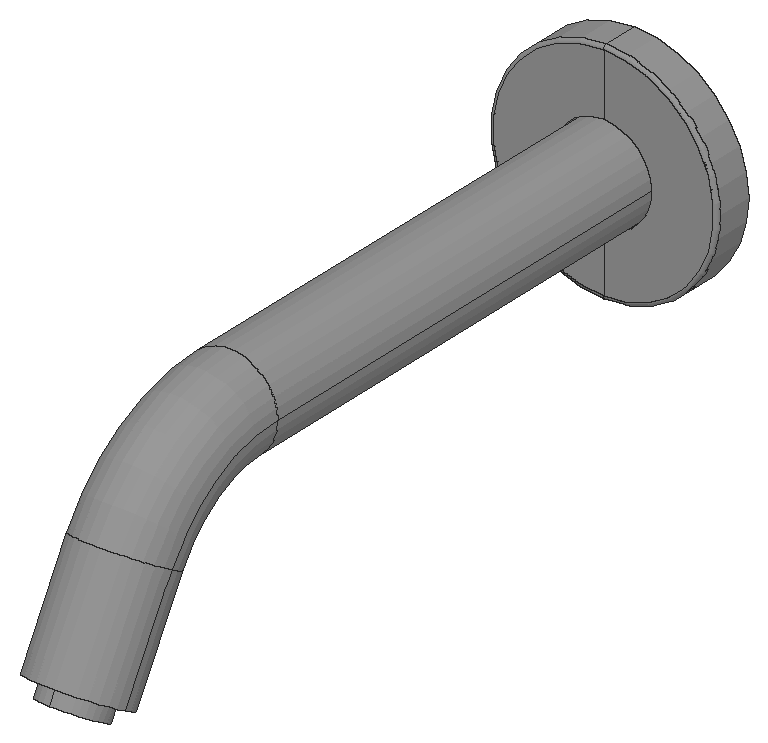
Revit family "LIXIL - EL-1002 - COBRA COBRATRON BASIN SPOUT TOUCHLESS", category Plumbing Fixtures, Revit 2023
Family settings
  Round Connector Dimension = Use Diameter
  Part Type = Normal
  OmniClass Number = 23.45.00.00
  OmniClass Title = Sanitary, Laundry, and Cleaning Equipment
  Work Plane-Based = No
  Enable Cutting in Views = No
  Always vertical = Yes
  Cut with Voids When Loaded = No
  Maintain Annotation Orientation = No
  Shared = Yes
  Room Calculation Point = No
Parameters (values of type "EL-1002")
  Product Specification = "Supplier: Lixil.\r\nProduct Description: Made of Dezincification resistant brass(DZR). Wall type. Touch free. Single temperature, cold or blended water (suggested using EL-X60 (not included)). 4 x AA batteries included < 10 000 hours & G1/2 F X G1/2 F braided flexi connector hose required, not included. In wall PVC pipe included. Jaswic Approved\r\n2 Year Warranty Cobra EcoMind Cobra Genuine Cobra PureShine Cobra TeamAssist JaswicApproved\r\nProduct Code: FELSPTCC-0GT01.\r\nSKU Code: EL-1002.\r\nBarcode: 6002194032632. \r\nBrand: Cobra\r\nRange: Cobratron.\r\nCategory: Plumbing Supplies\r\nSub-Category: Electronic Taps\r\nColour: Chrome\r\nMaterial: DZR Brass.\r\nPackage Height: 70 mm\r\nPackage Width: 230 mm\r\nPackage Length: 440 mm\r\nPackage Volume: 7084000 mm³\r\nPackage Weight: 1.85 kg\r\n\r\nNotes:\r\n- Refer to manufacturer's and supplier's installation, maintenance and cleaning manual.\r\n- Refer to manufacturer's and supplier's guarantees and warrantees document."
  M _ MIXER RUBBER = M _ LIXIL - RUBBER - BLACK 01
  M _ MIXER LEVER = M _ LIXIL - CHROME 01
  M _ MIXER INDICATOR 02 = M _ LIXIL - CHROME 01
  M _ MIXER INDICATOR 01 = M _ LIXIL - PLASTIC - BLUE 01
  M _ MIXER BODY = M _ LIXIL - CHROME 01
  M _ LOGO _ COBRA = none
  Hosted on lixil.co.za = "https://www.lixil.co.za/item/cobra-cobratron-tap-and-mixer-electronic-spout-chrome"
  Description = "Cobra cobratron basin spout touchless mixer to detail and spec. See sanware schedule. Available from Lixil."
  Default Elevation = 0 mm
Reference planes
  plane 1 "Center (Front/Back)": y = 0
  plane 2: z = 0
  plane 3 "Center (Left/Right)": x = 0
  plane 4 "Center L/S": y = -85
  plane 5: y = -39.742
Dimensions and locks
  aligned and locked: level to plane 2
Nested families
  nested 1: "BODY" at (0, 0, 0), type "BODY"
Connectors
  piping at (0, 0, 30), diameter 15
    settings: index 1, connector inside diameter 609.6 mm, connector length 0 mm, flow factor 0, pipe flow 0.0 L/s, pressure drop 0.0 Pa, fitting loss kfactor 0, connector angle 0.00°, fixture units 0, engagement length 0 mm, angle of deflection 0.00°, flow configuration 0, flow direction 0, fitting loss method 0, system type 20, joint type 0, gender type 0, connector reference index -1, connector utility 0, adjustable connector no, is connector primary yes, connector description ""
Definition of nested family "BODY"
  Parameters (values of type "BODY")
    M _ RUBBER = none
    M _ MIXER BODY = none
    Default Elevation = 0 mm
  Reference planes
    plane 1 "Center (Front/Back)": y = 0
    plane 2: z = 0
    plane 3 "Center (Left/Right)": x = 0
    plane 4: z = 60
    plane 5 "Center L/T": y = -185
    plane 6: through (0, -185, 0) normal (0, 0.866, -0.5)
    plane 7: z = -20
    plane 8: z = 30
  Forms (mm)
    Revolve 1, solid, material <- "M _ MIXER BODY"
      sketch origin (0, -102.896, 69.742) x (0, 0, 1) y (0, -1, 0)
        loop
          line (-9.742, -102.896) -> (-9.742, -93.793)
          arc (-9.742, -93.793) -> (-10.035, -93.085) -> (-10.742, -92.793) r 1
          line (-10.742, -92.793) -> (-27.025, -92.793) -> (-27.025, -102.896) -> (-9.742, -102.896)
        axis (-39.742, -102.896) -> (-39.742, -92.793)
      angle from 0 to 360
    Revolve 2, solid, material <- "M _ MIXER BODY"
      sketch origin (0, 51.089, -157.081) x (0, 0.866025, -0.5) y (0, 0.5, 0.866025)
        loop
          line (-265.693, 0.675) -> (-264.659, 0.675) -> (-264.659, 4.622) -> (-273, 4.622) -> (-273, 3.357) -> (-265.693, 3.357) -> (-265.693, 0.675)
        axis (-273, 0.675) -> (-273, 4.622)
      angle from 0 to 360
    Revolve 3, solid, material <- "M _ RUBBER"
      sketch origin (0, 51.427, -156.496) x (0, 0.866025, -0.5) y (0, 0.5, 0.866025)
        loop
          line (-273, 2.23) -> (-273, 0.997) -> (-272.535, 0) -> (-272.07, 0.997) -> (-271.605, 0) -> (-271.14, 0.997) -> (-270.675, 0) -> (-270.209, 0.997) -> (-269.744, 0) -> (-269.279, 0.997) -> (-268.814, 0) -> (-268.349, 0.997) -> (-267.884, 0) -> (-267.419, 0.997) -> (-266.954, 0) -> (-265.914, 2.23) -> (-273, 2.23)
        axis (-273, 0) -> (-273, 2.23)
      angle from 0 to 360
    Sweep 4, solid, material <- "M _ MIXER BODY"
      path origin (0, 0, 0) x (0, 1, 0) y (0, 0, 1)
        loop
          line (0, 30) -> (-133.038, 30)
          arc (-133.038, 30) -> (-153.038, 24.641) -> (-167.679, 10) r 40
          line (-167.679, 10) -> (-183.024, -16.578)
      profile origin (0, -66.519, 30) x (0, 0, -1) y (1, 0, 0)
        loop
          circle (0, 0) r 12.5
        loop
          circle (0, 0) r 9.5
  Dimensions and locks
    plane 4 to level = 60 mm
    plane 1 "Center (Front/Back)" to plane 5 "Center L/T" = 185 mm
    level to plane 7 = 20 mm
    aligned and locked: level to plane 2
